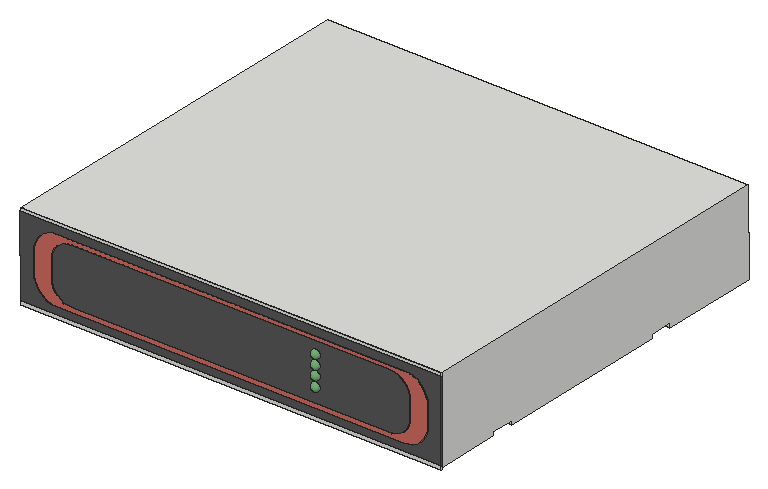
Revit family "Electronics_Expanders_Biamp_Tesira_4-Channel-Input-and-Output_EX-OUT__", category Communication Devices, host Face, Revit 2020
Family settings
  Host = Face
  Maintain Annotation Orientation = No
  Round Connector Dimension = Use Diameter
  Part Type = Normal
  OmniClass Number = 23.85.10.11.11
  OmniClass Title = Sound and Signal Devices
  Cut with Voids When Loaded = No
  Shared = No
  Room Calculation Point = No
Parameters (values of type "EX-OUT")
  Width = 0' - 8 1/2"
  Weight = 3.00 lbf  # constant formula
  Voltage = 0 V
  Maximum Output = "+24dBu"  # constant formula
  Sampling Rate = "48kHz"  # constant formula
  Rotation Angle [instance] = if(or([Nominal RMK-1], [Nominal RMK-2]), 0.00°, 90.00°)  # 90.00°
  Product data url = "https://www.bimobject.com/biamp/product/tesira-ex-out_expander"
  Power Factor = 1
  Offset Entourage X [instance] = if([Nominal RMK-1], 0' 4.4685", if([Nominal RMK-2], 0' 4.46063", if([Nominal UTMK-1], 0' 0", if(Nominal No mount, 0' 0", 0' 0"))))  # 0' - 0"
  UTMK-1 = UTMK-1 : UTMK-1
  URL = "https://www.biamp.com/"
  RMK-2 = RMK-2 : RMK-2
  Product Page URL = "https://www.biamp.com/products/tesira-expanders#tesira-ex-out"
  Product Documentation Link = "https://downloads.biamp.com/assets/docs/default-source/data-sheets/biamp_data_sheet_tesira_ex-in_ex-aec_ex-out_ex-io_feb20.pdf"
  RMK-1 = RMK-1 : RMK-1
  Offset Entourage Y [instance] = if([Nominal RMK-1], 0' 3 7/8", if([Nominal RMK-2], 0' 0 125/128", if([Nominal UTMK-1], 0' 0", if(Nominal No mount, 0' 0", 0' 0"))))  # 0' - 0"
  Offset [instance] = if([Nominal RMK-1], 0' 0", if([Nominal RMK-2], 0' 0 5/64", if([Nominal UTMK-1], 0' 0 9/256", if(Nominal No mount, 0' 0", 0' 0"))))  # 0' - 0"
  Number of Poles = 1  # constant formula
  Nominal UTMK-1 [instance] = Mount Type = [UTMK-1]  # no
  Nominal RMK-2 [instance] = Mount Type = [RMK-2]  # no
  Nominal RMK-1 [instance] = Mount Type = [RMK-1]  # no
  Nominal No mount [instance] = Mount Type = No mount  # yes
  No mount = No mount : No mount
  Mount Type [instance] = No mount : No mount
  Model = "Tesira EX-OUT"
  Max Power Consumption = 0 W
  Manufacturer = "Biamp"  # constant formula
  Input Gain Range = "0 - 66dB at 6dB Steps"  # constant formula
  Housing Material = Biamp - Metal - Silver
  Height = 0' - 1 3/4"
  Frequency Response = "+0/-0.25dB 20Hz~20kHz at +4dBu"  # constant formula
  Description = "Tesira® EX-OUT 4-Channel Input and Output Expanders"  # constant formula
  Depth = 0' - 7 3/4"
  Default Elevation = 4' - 0"
  Output Impedance = "200 ohm"  # constant formula
  Connector Description = "PoE+ (IEEE 802.3at Class 4, 30W)"  # constant formula
  Compliance = "FCC Part 15B (USA); CE marked (Europe); UL and C-UL listed (USA & Canada); RCM (Australia); EAC (Eurasian Customs Union); RoHS Directive (Europe)"  # constant formula
  Assembly Code = ""
  Apparent Load = Max Power Consumption / Power Factor  # 0 VA
  A/D - D/A Converters = "24-bit"  # constant formula
Reference planes (in)
  plane 1 "Center (Front/Back)": y = 0
  plane 2: z = 0
  plane 3: x = 0
  plane 4: x = 4.25
  plane 5 "Center (Left/Right)": x = -4.25
  plane 6: y = 3.875
  plane 7: y = -3.875
  plane 8: z = 1.75
  plane 9: y = -3.875
  plane 10: y = -3.7704
  plane 11: y = 3.78125
  plane 12: z = 1.625
  plane 13 "2": z = 0
  plane 14: z = 1.50505
  plane 15: z = 0.30745
  plane 16: z = 1.37426
  plane 17: z = 0.99926
  plane 18: z = 0.88281
  plane 19: z = 0.19602
  plane 20: x = -0.84509
  plane 21: x = 3.69218
  plane 22: x = 3.30135
  plane 23: z = 0.53335
  plane 24: x = -4.70577
  plane 25: x = 13.63823
Lines and regions (in)
  symbolic lines, visible <- "Nominal RMK-1"
    curve 1: line (4.40636, -3.875, 0) -> (13.9683, -3.875, 0)
    curve 2: line (13.9683, -3.78994, 0) -> (4.40636, -3.78994, 0)
    curve 3: line (13.9683, -3.875, 0) -> (13.9683, -3.78994, 0)
  symbolic lines, visible <- "Nominal RMK-2"
    curve 4: line (13.28048, -3.7707, 0) -> (13.28048, -2.78889, 0)
    curve 5: line (13.17557, -2.78889, 0) -> (13.17557, -3.77036, 0)
    curve 6: line (13.17557, -2.78889, 0) -> (13.28048, -2.78889, 0)
    curve 7: arc (13.17557, -3.77036, 0) -> (13.21163, -3.85743, 0) -> (13.2987, -3.89349, 0) r 0.12313
    curve 8: line (13.92601, -3.78889, 0) -> (13.29794, -3.78889, 0)
    curve 9: line (13.92601, -3.89349, 0) -> (13.92601, -3.78889, 0)
    curve 10: line (13.2987, -3.89349, 0) -> (13.92601, -3.89349, 0)
    curve 11: arc (13.28048, -3.7707, 0) -> (13.28555, -3.78331, 0) -> (13.29794, -3.78889, 0) r 0.01821
  reference lines
    curve 12: line (-1.71783, -3.7704, 0) -> (-1.71783, -1.12457, 0)
Dimensions and locks (in)
  "Width": plane 5 "Center (Left/Right)" to plane 4
  equal spacing: plane 5 "Center (Left/Right)", plane 3, plane 4
  equal spacing: plane 7, plane 1 "Center (Front/Back)", plane 6
  "Depth": plane 6 to plane 7
  "Height": plane 8 to plane 13 "2"
  locked: plane 9 to plane 10 at 0.1046
  "Offset": plane 13 "2" to level
  locked: plane 16 to plane 17 at 0.375
  locked: plane 18 to plane 19 at 0.68679
  locked: plane 14 to plane 15 at 1.19761
  locked: plane 19 to plane 13 "2" at 0.19602
  locked: plane 15 to plane 13 "2" at 0.30745
  locked: plane 17 to plane 13 "2" at 0.99926
  locked: plane 12 to plane 13 "2" at 1.625
  plane 23 to plane 13 "2" = 0' - 0.53335"
  "Offset Entourage X": nested 1 to plane 3
  plane 8 to plane 13 "2" = 0' - 1 3/4"
  "Rotation Angle": angle curve 12 to plane 10
  aligned and locked: plane 2 to host face
  aligned and locked: level to host face
  aligned and locked: plane 5 "Center (Left/Right)" to nested 2
  aligned and locked: plane 4 to nested 2
  aligned and locked: plane 2 to curve 12
  aligned and locked: plane 10 to curve 12
Automatic sketch dimensions
  plane 7 to curve 1 = 0' - 0"
  curve 6 to plane 10 = 0' - 0.98151"
  curve 5 to curve 4 = 0' - 0.10491"
  curve 4 to curve 8 = 0' - 0.01746"
  plane 10 to curve 11 = 0' - 0.0003"
  curve 4 to curve 11 = 0' - 0.01821"
  curve 7 to plane 10 = 0' - 0.00004"
  curve 11 to curve 7 = 0' - 0"
  curve 7 to curve 10 = 0' - 0.62731"
  curve 9 to curve 3 = 0' - 0.04229"
  plane 10 to curve 3 = 0' - 0 5/256"
  host sketch curve to host sketch curve = 5' - 9.9283"
  host sketch curve to host sketch curve = 5' - 9.30298"
  plane 4 to curve 6 = 0' - 8.92557"
  plane 4 to curve 1 = 0' - 0.15636"
  curve 2 to curve 1 = 0' - 0"
Nested families (in)
  nested 1: "No mount" at (0, -3.875, 0), type <- "Mount Type", type "No mount"
  nested 2: "TESIRA EX" at (0, 0.06349, 0) x (-1, 0, 0) z (0, 0, 1), Offset <- "Offset", type "EX-AEC"
    with Offset 0' - 0"
Connectors (in)
  electrical at (3.14164, 3.90146, 0.57718), driven by "Number of Poles", driven by "Voltage", driven by "Apparent Load", driven by "Power Factor", driven by "Connector Description"
    settings: on nested 2, index 1, voltage 0 V, apparent load 0 VA, apparent load phase1 0 VA, apparent load phase2 0 VA, apparent load phase3 0 VA, power factor 1, load classification "Other", number of poles 1, system type 31, power factor state 1, is connector primary yes, connector utility no, sub classification motor no, connector description "PoE+ (IEEE 802.3at Class 4, 30W)"
  electrical at (0.3104, 3.90146, 1.1626)
    settings: on nested 2, index 2, voltage 0 V, apparent load 0 VA, apparent load phase1 0 VA, apparent load phase2 0 VA, apparent load phase3 0 VA, power factor 1, load classification "Other", number of poles 1, system type 5, power factor state 1, is connector primary no, connector utility no, sub classification motor no, connector description "Outputs"
  electrical at (-0.55834, 3.90146, 1.1626)
    settings: on nested 2, index 3, voltage 0 V, apparent load 0 VA, apparent load phase1 0 VA, apparent load phase2 0 VA, apparent load phase3 0 VA, power factor 1, load classification "Other", number of poles 1, system type 5, power factor state 1, is connector primary no, connector utility no, sub classification motor no, connector description "Outputs"
  electrical at (-1.70834, 3.90146, 1.1626)
    settings: on nested 2, index 4, voltage 0 V, apparent load 0 VA, apparent load phase1 0 VA, apparent load phase2 0 VA, apparent load phase3 0 VA, power factor 1, load classification "Other", number of poles 1, system type 5, power factor state 1, is connector primary no, connector utility no, sub classification motor no, connector description "Outputs"
  electrical at (-2.57584, 3.90146, 1.1626)
    settings: on nested 2, index 5, voltage 0 V, apparent load 0 VA, apparent load phase1 0 VA, apparent load phase2 0 VA, apparent load phase3 0 VA, power factor 1, load classification "Other", number of poles 1, system type 5, power factor state 1, is connector primary no, connector utility no, sub classification motor no, connector description "Outputs"
Definition of nested family "TESIRA EX"
  Parameters (values of type "EX-OUT")
    URL = "https://www.biamp.com"
    Product Page URL = "https://www.biamp.com/products/tesira-expanders#tesira-ex-out"
    Product Documentation Link = "https://downloads.biamp.com/assets/docs/default-source/data-sheets/biamp_data_sheet_tesira_ex-in_ex-aec_ex-out_ex-io_feb20.pdf?sfvrsn=62e9f2f1_8"
    Offset [instance] = 0' - 0"
    Model = ""
    Material Case = none
    Manufacturer = ""
    Description = ""
    Default Elevation = 4' - 0"
    Assembly Code = "D5010.70"
  Types (4): name | Product Page URL
    EX-IN | "https://www.biamp.com/products/tesira-expanders#tesira-ex-out"
    EX-AEC | "https://www.biamp.com/products/tesira-expanders#tesira-ex-aec"
    EX-IO | "https://www.biamp.com/products/tesira-expanders#tesira-ex-io"
    EX-OUT | "https://www.biamp.com/products/tesira-expanders#tesira-ex-out"
  Reference planes (in)
    plane 1 "Center (Front/Back)": y = 0
    plane 2: z = 0
    plane 3 "Center (Left/Right)": x = 0
    plane 4: x = 4.25
    plane 5: x = -4.25
    plane 6: y = 3.875
    plane 7: y = -3.875
    plane 8: z = 1.75
    plane 9: y = -3.875
    plane 10: y = -3.75086
    plane 11: y = 3.78125
    plane 12 "1": x = -1.71783
    plane 13: y = 3.66314
    plane 14: x = -5.23425
    plane 15: z = 1.625
    plane 16: x = 5.23425
    plane 17 "2": z = 0
    plane 18: z = 1.50505
    plane 19: z = 0.30745
    plane 20: z = 1.37426
    plane 21: z = 0.99926
    plane 22: z = 0.88281
    plane 23: z = 0.19602
    plane 24: x = -0.84509
    plane 25: x = 3.69218
    plane 26: x = 3.30135
    plane 27: z = 0.53335
    plane 28: z = 0.0359
    plane 29: z = 0
  Forms (in)
    Extrusion 1, solid
      sketch origin (7.75, -5.25086, 0) x (1, 0, 0) y (0, 1, 0)
        loop
          line (-42.75, 40.25086) -> (-42.75, -29.05212) -> (27.1783, -29.05212) -> (27.1783, 40.25086) -> (-42.75, 40.25086)
      from 0 to -12
    Revolve 2, solid, detail levels fine
      sketch origin (-1.71783, 0, 0) x (0, 1, 0) y (0, 0, 1)
        loop
          line (3.875, 1.28781) -> (3.875, 1.12625)
          arc (3.875, 1.12625) -> (3.95578, 1.20703) -> (3.875, 1.28781) r 0.08078
        loop
          line (3.875, 1.0958) -> (3.875, 0.93174)
          arc (3.875, 0.93174) -> (3.95703, 1.01377) -> (3.875, 1.0958) r 0.08203
        loop
          line (3.875, 0.90124) -> (3.875, 0.73718)
          arc (3.875, 0.73718) -> (3.95703, 0.81921) -> (3.875, 0.90124) r 0.08203
        loop
          line (3.875, 0.69741) -> (3.875, 0.53335)
          arc (3.875, 0.53335) -> (3.95703, 0.61538) -> (3.875, 0.69741) r 0.08203
        axis (3.875, 1.28781) -> (3.875, 0.53335)
      angle from 270 to 450
    Extrusion 3, solid, material <- "Material Case", detail levels coarse
      sketch origin (0, 0, 0) x (-1, 0, 0) y (0, -1, 0)
        loop
          line (-4.25, 3.875) -> (-4.25, -3.875) -> (4.25, -3.875) -> (4.25, 3.875) -> (-4.25, 3.875)
      from 0.0359 to 1.75
    Extrusion 4, solid, material <- "Material Case", detail levels medium+fine
      sketch origin (0, 0, 0) x (-1, 0, 0) y (0, -1, 0)
        loop
          line (-4.25, 3.875) -> (-4.25, -3.85984) -> (4.25, -3.85984) -> (4.25, 3.875) -> (-4.25, 3.875)
      from 0.0359 to 1.75
    Extrusion 5, solid, detail levels medium+fine
      sketch origin (0, 0, 0) x (-1, 0, 0) y (0, 0, 1)
        loop
          line (-4.25, 1.69704) -> (-4.25, 0.06741) -> (4.25, 0.06741) -> (4.25, 1.69704) -> (-4.25, 1.69704)
        loop
          arc (-3.4999, 1.53477) -> (-3.84144, 1.3933) -> (-3.9829, 1.05176) r 0.48301
          line (-3.9829, 1.05176) -> (-3.9829, 0.70476)
          arc (-3.9829, 0.70476) -> (-3.84144, 0.36323) -> (-3.49991, 0.22176) r 0.483
          line (-3.49991, 0.22176) -> (3.49912, 0.22176)
          arc (3.49912, 0.22176) -> (3.84064, 0.36322) -> (3.98211, 0.70475) r 0.48299
          line (3.98211, 0.70475) -> (3.98211, 1.05176)
          arc (3.98211, 1.05176) -> (3.84064, 1.3933) -> (3.4991, 1.53477) r 0.48301
          line (3.4991, 1.53477) -> (-3.4999, 1.53477)
      from 3.85984 to 3.875
    Extrusion 6, solid, detail levels medium+fine
      sketch origin (-0.04049, 0, 0.02934) x (-1, 0, 0) y (0, 0, 1)
        loop
          line (3.45861, 1.50543) -> (-3.54039, 1.50543)
          arc (-3.54039, 1.50543) -> (-3.88193, 1.36396) -> (-4.0234, 1.02243) r 0.48301
          line (-4.0234, 1.02243) -> (-4.0234, 0.67542)
          arc (-4.0234, 0.67542) -> (-3.88193, 0.33389) -> (-3.5404, 0.19242) r 0.483
          line (-3.5404, 0.19242) -> (3.45862, 0.19242)
          arc (3.45862, 0.19242) -> (3.80015, 0.33389) -> (3.94162, 0.67542) r 0.48299
          line (3.94162, 0.67542) -> (3.94162, 1.02243)
          arc (3.94162, 1.02243) -> (3.80015, 1.36396) -> (3.45861, 1.50543) r 0.48301
        loop
          arc (-3.25038, 1.42543) -> (-3.54242, 1.30446) -> (-3.66339, 1.01242) r 0.41301
          line (-3.66339, 1.01242) -> (-3.66339, 0.68543)
          arc (-3.66339, 0.68543) -> (-3.54242, 0.39339) -> (-3.25038, 0.27242) r 0.41301
          line (-3.25038, 0.27242) -> (3.1686, 0.27242)
          arc (3.1686, 0.27242) -> (3.46065, 0.39339) -> (3.58162, 0.68543) r 0.41301
          line (3.58162, 0.68543) -> (3.58162, 1.01242)
          arc (3.58162, 1.01242) -> (3.46065, 1.30446) -> (3.16861, 1.42543) r 0.413
          line (3.16861, 1.42543) -> (-3.25038, 1.42543)
      from 3.85984 to 3.875
    Extrusion 7, solid, detail levels medium+fine
      sketch origin (-0.04049, 0, 0.02934) x (-1, 0, 0) y (0, 0, 1)
        loop
          arc (3.58162, 1.01242) -> (3.46065, 1.30446) -> (3.16861, 1.42543) r 0.413
          line (3.16861, 1.42543) -> (-3.25038, 1.42543)
          arc (-3.25038, 1.42543) -> (-3.54242, 1.30446) -> (-3.66339, 1.01242) r 0.41301
          line (-3.66339, 1.01242) -> (-3.66339, 0.68543)
          arc (-3.66339, 0.68543) -> (-3.54242, 0.39339) -> (-3.25038, 0.27242) r 0.41301
          line (-3.25038, 0.27242) -> (3.1686, 0.27242)
          arc (3.1686, 0.27242) -> (3.46065, 0.39339) -> (3.58162, 0.68543) r 0.41301
          line (3.58162, 0.68543) -> (3.58162, 1.01242)
      from 3.85984 to 3.875
    Extrusion 8, solid, material <- "Material Case", detail levels medium+fine
      sketch origin (0, 0, 0) x (-1, 0, 0) y (0, 0, 1)
        loop
          line (-4.25, 1.69704) -> (4.25, 1.69704) -> (4.25, 1.75) -> (-4.25, 1.75) -> (-4.25, 1.69704)
        loop
          line (4.25, 0.06741) -> (-4.25, 0.06741) -> (-4.25, 0) -> (4.25, 0) -> (4.25, 0.06741)
      from 3.85984 to 3.875
    Extrusion 9, void
      sketch origin (0, 0, 0) x (0, -1, 0) y (0, 0, 1)
        loop
          line (-2.57251, 0.11558) -> (-2.57251, 0) -> (-2.10251, 0) -> (-2.10251, 0.11558) -> (-2.57251, 0.11558)
      from 3.70572 to 4.25
    Extrusion 10, void
      sketch origin (0, -4, 0) x (0, -1, 0) y (0, 0, 1)
        loop
          line (-2.57251, 0.11558) -> (-2.57251, 0) -> (-2.10251, 0) -> (-2.10251, 0.11558) -> (-2.57251, 0.11558)
      from 3.70572 to 4.25
    Extrusion 11, void
      sketch origin (0, 0, 0) x (0, -1, 0) y (0, 0, -1)
        loop
          line (-2.57251, -0.11558) -> (-2.10251, -0.11558) -> (-2.10251, 0) -> (-2.57251, 0) -> (-2.57251, -0.11558)
      from 3.70572 to 4.25
    Extrusion 12, void
      sketch origin (0, -4, 0) x (0, -1, 0) y (0, 0, -1)
        loop
          line (-2.57251, -0.11558) -> (-2.10251, -0.11558) -> (-2.10251, 0) -> (-2.57251, 0) -> (-2.57251, -0.11558)
      from 3.70572 to 4.25
    Extrusion 13, void
      sketch origin (-0.07164, -7.70634, 0) x (-1, 0, 0) y (0, 0, -1)
        loop
          line (3.42, -0.85261) -> (3.42, -0.30176) -> (2.72, -0.30176) -> (2.72, -0.85261) -> (3.42, -0.85261)
        loop
          line (0.61376, -1.3876) -> (0.61376, -0.9376) -> (-0.13624, -0.9376) -> (-0.13624, -1.3876) -> (0.61376, -1.3876)
        loop
          line (-0.25497, -1.3876) -> (-0.25497, -0.9376) -> (-1.00497, -0.9376) -> (-1.00497, -1.3876) -> (-0.25497, -1.3876)
        loop
          line (-2.27247, -1.3876) -> (-2.27247, -0.9376) -> (-3.02247, -0.9376) -> (-3.02247, -1.3876) -> (-2.27247, -1.3876)
        loop
          line (-1.40498, -1.3876) -> (-1.40498, -0.9376) -> (-2.15498, -0.9376) -> (-2.15498, -1.3876) -> (-1.40498, -1.3876)
      from -3.79859 to -3.86836
  Cuts and joins
    Extrusion 9, Extrusion 10, Extrusion 11, Extrusion 12, Extrusion 13 cuts Extrusion 4
  Lines and regions (in)
    Masking region 1
      outline origin (0, 0, 0) x (1, 0, 0) y (0, 1, 0)
        loop
          line (-4.25, 3.875) -> (-4.25, -3.875) -> (4.25, -3.875) -> (4.25, 3.875) -> (-4.25, 3.875)
  Dimensions and locks (in)
    plane 5 to plane 4 = 0' - 8 1/2"
    equal spacing: plane 5, plane 3 "Center (Left/Right)", plane 4
    equal spacing: plane 7, plane 1 "Center (Front/Back)", plane 6
    plane 6 to plane 7 = 0' - 7 3/4"
    plane 8 to plane 17 "2" = 0' - 1 3/4"
    locked: plane 6 to plane 11 at 0.09375
    locked: plane 9 to plane 10 at 0.12414
    locked: plane 11 to plane 13 at 0.11811
    locked: plane 14 to plane 5 at 0.98425
    locked: plane 4 to plane 16 at 0.98425
    "Offset": plane 17 "2" to level
    locked: plane 20 to plane 21 at 0.375
    locked: plane 22 to plane 23 at 0.68679
    locked: plane 18 to plane 19 at 1.19761
    locked: plane 23 to plane 17 "2" at 0.19602
    locked: plane 19 to plane 17 "2" at 0.30745
    locked: plane 21 to plane 17 "2" at 0.99926
    locked: plane 15 to plane 17 "2" at 1.625
    plane 27 to plane 17 "2" = 0' - 0.53335"
    locked: plane 28 to plane 29 at 0.0359
    locked: plane 23 to plane 28 at 0.16012
    aligned and locked: plane 2 to Extrusion 1
    aligned and locked: level to Extrusion 1
    aligned and locked: plane 27 to Revolve 2 sketch curve
    aligned and locked: Extrusion 5 to Extrusion 4
    aligned and locked: Extrusion 8 to plane 29
    aligned and locked: plane 8 to Extrusion 4
    aligned and locked: Extrusion 4 to plane 28
    aligned and locked: Extrusion 3 to plane 28
    aligned and locked: Extrusion 5 to Extrusion 8
  Automatic sketch dimensions
    Extrusion 1 sketch curve to Extrusion 1 sketch curve = 5' - 9.9283"
    Extrusion 1 sketch curve to Extrusion 1 sketch curve = 5' - 9.30298"
    Revolve 2 sketch curve to plane 6 = 0' - 0"  (x5)
    Revolve 2 sketch curve to Revolve 2 sketch curve = 0' - 0 21/256"  (x2)
    Revolve 2 sketch curve to Revolve 2 sketch curve = 0' - 0.03977"
    Revolve 2 sketch curve to Revolve 2 sketch curve = 0' - 0.0305"
    Revolve 2 sketch curve to plane 21 = 0' - 0.01451"
    Revolve 2 sketch curve to Revolve 2 sketch curve = 0' - 0.03044"
    Revolve 2 sketch curve to Revolve 2 sketch curve = 0' - 0.08078"
    Revolve 2 sketch curve to plane 19 = 0' - 0.00874"
    plane 20 to Revolve 2 sketch curve = 0' - 0.06424"
    Extrusion 3 sketch curve to plane 4 = 0' - 0"
    Extrusion 3 sketch curve to plane 5 = 0' - 0"
    Extrusion 3 sketch curve to plane 6 = 0' - 0"
    plane 7 to Extrusion 3 sketch curve = 0' - 0"
    Extrusion 4 sketch curve to plane 4 = 0' - 0"
    Extrusion 4 sketch curve to plane 5 = 0' - 0"
    plane 7 to Extrusion 4 sketch curve = 0' - 0"
    Extrusion 4 sketch curve to plane 6 = 0' - 0.01516"
    Extrusion 5 sketch curve to plane 4 = 0' - 0"
    plane 5 to Extrusion 5 sketch curve = 0' - 0"
    Extrusion 5 sketch curve to plane 8 = 0' - 0.05296"
    Extrusion 5 sketch curve to plane 21 = 0' - 0.0525"  (x2)
    Extrusion 5 sketch curve to plane 4 = 0' - 0.2671"
    plane 25 to Extrusion 5 sketch curve = 0' - 0.19228"
    plane 25 to Extrusion 5 sketch curve = 0' - 0.19229"
    Extrusion 5 sketch curve to plane 5 = 0' - 0.7509"
    plane 23 to Extrusion 5 sketch curve = 0' - 0.02574"
    Extrusion 5 sketch curve to plane 5 = 0' - 0.75088"
    plane 28 to Extrusion 5 sketch curve = 0' - 0.03151"
    Extrusion 6 sketch curve to plane 21 = 0' - 0.0525"
    Extrusion 6 sketch curve to plane 4 = 0' - 0.2671"
    plane 25 to Extrusion 6 sketch curve = 0' - 0.06929"
    plane 23 to Extrusion 6 sketch curve = 0' - 0.02574"
    plane 25 to Extrusion 6 sketch curve = 0' - 0.19228"
    Extrusion 6 sketch curve to Extrusion 6 sketch curve = 0' - 0.123"
    Extrusion 6 sketch curve to plane 26 = 0' - 0.09146"  (x2)
    Extrusion 6 sketch curve to plane 21 = 0' - 0.04249"
    plane 19 to Extrusion 6 sketch curve = 0' - 0.00569"
    Extrusion 6 sketch curve to plane 5 = 0' - 1.0409"
    Extrusion 6 sketch curve to Extrusion 6 sketch curve = 0' - 0"
    Extrusion 6 sketch curve to Extrusion 6 sketch curve = 0' - 0.29"
    Extrusion 6 sketch curve to Extrusion 6 sketch curve = 0' - 0.29002"
    Extrusion 6 sketch curve to Extrusion 6 sketch curve = 0' - 0.12299"
    Extrusion 6 sketch curve to plane 27 = 0' - 0.1714"
    plane 25 to Extrusion 7 sketch curve = 0' - 0.06929"
    Extrusion 7 sketch curve to plane 21 = 0' - 0.04249"
    Extrusion 7 sketch curve to plane 26 = 0' - 0.09146"  (x2)
    plane 19 to Extrusion 7 sketch curve = 0' - 0.00569"
    plane 22 to Extrusion 7 sketch curve = 0' - 0.16805"
    Extrusion 7 sketch curve to plane 5 = 0' - 1.0409"
    Extrusion 7 sketch curve to Extrusion 7 sketch curve = 0' - 0.413"
    Extrusion 8 sketch curve to plane 4 = 0' - 0"  (x2)
    plane 5 to Extrusion 8 sketch curve = 0' - 0"  (x2)
    level to Extrusion 8 sketch curve = 0' - 0"
    Extrusion 8 sketch curve to plane 8 = 0' - 0"
    plane 28 to Extrusion 8 sketch curve = 0' - 0.03151"
    Extrusion 8 sketch curve to plane 8 = 0' - 0.05296"
    Extrusion 9 sketch curve to level = 0' - 0"
    plane 28 to Extrusion 9 sketch curve = 0' - 0.07968"
    Extrusion 9 sketch curve to plane 13 = 0' - 1.09063"
    Extrusion 9 sketch curve to Extrusion 9 sketch curve = 0' - 0.47"
    Extrusion 10 sketch curve to level = 0' - 0"
    plane 28 to Extrusion 10 sketch curve = 0' - 0.07968"
    plane 1 "Center (Front/Back)" to Extrusion 10 sketch curve = 0' - 1.42749"
    Extrusion 10 sketch curve to Extrusion 10 sketch curve = 0' - 0.47"
    Extrusion 11 sketch curve to level = 0' - 0"
    plane 28 to Extrusion 11 sketch curve = 0' - 0.07968"
    Extrusion 11 sketch curve to plane 13 = 0' - 1.09063"
    Extrusion 11 sketch curve to Extrusion 11 sketch curve = 0' - 0.47"
    Extrusion 12 sketch curve to level = 0' - 0"
    plane 28 to Extrusion 12 sketch curve = 0' - 0.07968"
    plane 1 "Center (Front/Back)" to Extrusion 12 sketch curve = 0' - 1.42749"
    Extrusion 12 sketch curve to Extrusion 12 sketch curve = 0' - 0.47"
    Extrusion 13 sketch curve to plane 26 = 0' - 0.35051"
    Extrusion 13 sketch curve to plane 19 = 0' - 0.63015"  (x4)
    Extrusion 13 sketch curve to Extrusion 13 sketch curve = 0' - 0 3/4"
    Extrusion 13 sketch curve to Extrusion 13 sketch curve = 0' - 0.11749"
    plane 3 "Center (Left/Right)" to Extrusion 13 sketch curve = 0' - 1.33334"
    Extrusion 13 sketch curve to Extrusion 13 sketch curve = 0' - 0.4"
    Extrusion 13 sketch curve to plane 22 = 0' - 0.50479"  (x4)
    plane 24 to Extrusion 13 sketch curve = 0' - 1.02842"
    Extrusion 13 sketch curve to Extrusion 13 sketch curve = 0' - 0.11873"
    plane 12 "1" to Extrusion 13 sketch curve = 0' - 1.03243"
    plane 22 to Extrusion 13 sketch curve = 0' - 0.03021"
    plane 19 to Extrusion 13 sketch curve = 0' - 0.00569"
    Extrusion 13 sketch curve to plane 5 = 0' - 0.75836"
    Extrusion 13 sketch curve to Extrusion 13 sketch curve = 0' - 0.70001"
    Masking region 1 sketch curve to plane 5 = 0' - 0"
    Masking region 1 sketch curve to plane 4 = 0' - 0"
    plane 7 to Masking region 1 sketch curve = 0' - 0"
    Masking region 1 sketch curve to plane 6 = 0' - 0"
Definition of nested family "No mount"
  Parameters (values of type "No mount")
    Material Plenum Box = none
    Height = 1' - 0"
    Default Elevation = 4' - 0"
  Reference planes (in)
    plane 1 "Center (Front/Back)": y = 0
    plane 2: z = 0
    plane 3 "Center (Left/Right)": x = 0
    plane 4: x = -6
    plane 5: x = 6
    plane 6: y = 6
    plane 7: y = -6
    plane 8: z = 4.11483
    plane 9: z = 4.6
    plane 10: y = 4.65
    plane 11: y = -4.65
    plane 12: x = -4.525
    plane 13: x = 4.525
  Dimensions and locks (in)
    equal spacing: plane 4, plane 3 "Center (Left/Right)", plane 5
    equal spacing: plane 6, plane 1 "Center (Front/Back)", plane 7
    plane 4 to plane 5 = 1' - 0"
    "Height": plane 6 to plane 7
    plane 8 to level = 0' - 4.11483"
    plane 9 to plane 8 = 0' - 0.48517"
    equal spacing: plane 10, plane 1 "Center (Front/Back)", plane 11
    equal spacing: plane 12, plane 3 "Center (Left/Right)", plane 13
    aligned and locked: plane 2 to level
